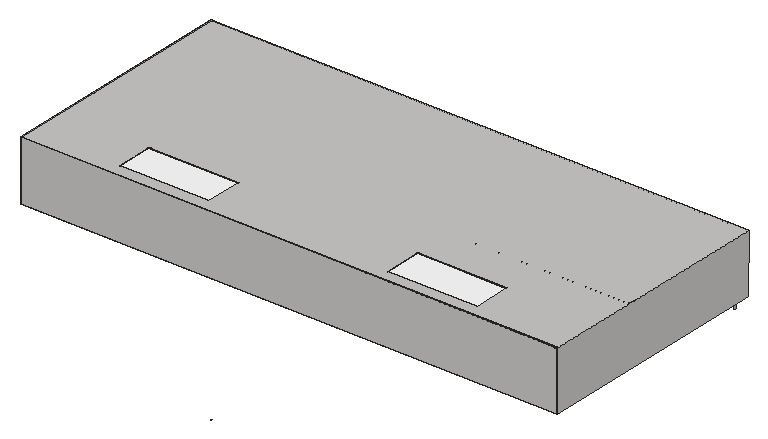
Revit family "QF_ELECTROLUXPROFESSIONAL_640207_EPF1636", category Specialty Equipment, Revit 2014
Reference planes
  plane 1: z = 0
  plane 2 "Center (Left/Right)": x = 150
  plane 3 "LEFT": x = -1650
  plane 4 "RIGHT": x = 1950
  plane 5 "BACK": y = 550
  plane 6 "TOP": z = 2400
  plane 7 "Base": z = 2000
  plane 8: z = 1970
  plane 9 "DrainY": y = 450
  plane 10: x = -1647
  plane 11: y = -720
  plane 12: y = -970
  plane 13 "DrainX": x = 1937
  plane 14 "AOLeft2": x = -450
  plane 15 "AORight1": x = 750
  plane 16: x = 1947
  plane 17: x = -1450
  plane 18: x = 1750
  plane 19: through (0, -449.6, 2399.19) normal (0, -0.5736, 0.8192)
  plane 20: x = 50
  plane 21: x = 250
  plane 22 "Center (Front/Back)": y = -250
  plane 23 "Front": y = -1050
  plane 24 "AOLeft1": x = -1050
  plane 25 "AORight2": x = 1350
Forms (mm)
  Extrusion 1, solid, material "QF_Finishes_Stainless Steel"
    sketch origin (-1650, 0, 360) x (0, 1, 0) y (0, 0, 1)
      loop
        line (550, 1640) -> (550, 2040) -> (-1050, 2040) -> (-1050, 1640) -> (550, 1640)
    from 0 to 3
  Extrusion 2, solid, material "QF_Finishes_Stainless Steel"
    sketch origin (1950, 0, 360) x (0, 1, 0) y (0, 0, 1)
      loop
        line (550, 1640) -> (550, 2040) -> (-1050, 2040) -> (-1050, 1640) -> (550, 1640)
    from 0 to -3
  Extrusion 3, solid, material "QF_Finishes_Stainless Steel"
    sketch origin (150, 0, 360) x (0, 1, 0) y (0, 0, 1)
      loop
        line (-1050, 2040) -> (-1050, 1640) -> (-1040, 1640) -> (-1040, 1640.8) -> (-1049.2, 1640.8) -> (-1049.2, 2039.19) -> (549.2, 2039.19) -> (549.2, 1640.8) -> (540, 1640.8) -> (540, 1640) -> (550, 1640) -> (550, 2040) -> (-1050, 2040)
    from -1800 to 1800
  Extrusion 4, solid, material "QF_Finishes_Stainless Steel"
    sketch origin (0, 0, 2000) x (0, 1, 0) y (-1, 0, 0)
      loop
        circle (450, -1937) r 4.763
    from -30 to 0
  Extrusion 5, void
    sketch origin (0, 0, 2400) x (0, 1, 0) y (-1, 0, 0)
      loop
        line (-720, 450) -> (-720, 1050) -> (-970, 1050) -> (-970, 450) -> (-720, 450)
    from 0 to -10
  Extrusion 6, solid, material "QF_Finishes_Stainless Steel"
    sketch origin (0, 0, 0) x (1, 0, 0) y (0, 1, 0)
      loop
        line (-1650, 550) -> (-1650, 549) -> (-1649, 549) -> (-1649, 550) -> (-1650, 550)
    from 0 to 1
  Extrusion 7, solid, material "QF_Finishes_Stainless Steel"
    sketch origin (150, 0, 360) x (0, 1, 0) y (0, 0, 1)
      loop
        line (-531.515, 1981.832) -> (-534.381, 1985.926) -> (-973.276, 1678.608) -> (-970.553, 1674.415) -> (-531.515, 1981.832)
    from -1600 to -1797
  Extrusion 8, solid, material "QF_Finishes_Stainless Steel"
    sketch origin (150, 0, 360) x (0, 1, 0) y (0, 0, 1)
      loop
        line (-1050, 2039.19) -> (-1050, 1640) -> (-1019.702, 1640) -> (-970.553, 1674.415) -> (-978.723, 1686.995) -> (-979.394, 1686.559) -> (-971.645, 1674.627) -> (-1019.955, 1640.8) -> (-1049.2, 1640.8) -> (-1049.2, 2039.19) -> (-1050, 2039.19)
      loop
        line (-449.6, 2039.19) -> (-450.995, 2039.19) -> (-531.319, 1982.947) -> (-539.464, 1994.578) -> (-540.119, 1994.12) -> (-531.515, 1981.832) -> (-449.6, 2039.19)
    from -1797 to 1797
  Extrusion 9, solid, material "QF_Finishes_Stainless Steel"
    sketch origin (150, 0, 360) x (0, 1, 0) y (0, 0, 1)
      loop
        line (-531.515, 1981.832) -> (-534.381, 1985.926) -> (-973.276, 1678.608) -> (-970.553, 1674.415) -> (-531.515, 1981.832)
    from 1797 to 1600
  Extrusion 10, solid, material "QF_Finishes_Stainless Steel"
    sketch origin (150, 0, 360) x (0, 1, 0) y (0, 0, 1)
      loop
        line (-531.515, 1981.832) -> (-534.381, 1985.926) -> (-973.276, 1678.608) -> (-970.553, 1674.415) -> (-531.515, 1981.832)
    from -100 to 100
  Extrusion 11, solid, material "QF_Finished_Chrome"
    sketch origin (150, 0, 360) x (0, 1, 0) y (0, 0, 1)
      loop
        line (-531.515, 1981.832) -> (-534.381, 1985.926) -> (-973.276, 1678.608) -> (-970.553, 1674.415) -> (-531.515, 1981.832)
    from -1600 to -100
  Extrusion 12, solid, material "QF_Finished_Chrome"
    sketch origin (150, 0, 360) x (0, 1, 0) y (0, 0, 1)
      loop
        line (-531.515, 1981.832) -> (-534.381, 1985.926) -> (-973.276, 1678.608) -> (-970.553, 1674.415) -> (-531.515, 1981.832)
    from 100 to 1600
  Sweep 13, solid, material "QF_Finishes_Stainless Steel"
    path origin (0, 0, 0) x (1, 0, 0) y (0, 1, 0)
      loop
        line (1950, 550) -> (-1650, 550) -> (-1650, -1050) -> (1950, -1050) -> (1950, 550)
    profile origin (1950, -250, 0) x (1, 0, 0) y (0, 0, 1)
      loop
        line (-3, 2000) -> (-3, 2000.8) -> (-19, 2000.8) -> (-19, 2010) -> (-20, 2010) -> (-20, 2000) -> (-3, 2000)
  Extrusion 14, solid, material "QF_Finishes_Stainless Steel"
    sketch origin (150, 0, 0) x (0, 1, 0) y (0, 0, 1)
      loop
        line (108.687, 2305.487) -> (549.2, 2040.8) -> (549.2, 2041.733) -> (109.285, 2306.061) -> (-443.438, 2399.19) -> (-445.739, 2399.19) -> (108.687, 2305.487)
    from -1797 to 1797
  Extrusion 15, void
    sketch origin (0, 0, 2400) x (0, 1, 0) y (-1, 0, 0)
      loop
        line (-720, -1350) -> (-720, -750) -> (-970, -750) -> (-970, -1350) -> (-720, -1350)
    from 0 to -10
Cuts and joins
  Extrusion 5, Extrusion 15 cuts Extrusion 3
  joined: Extrusion 2, Extrusion 3, Sweep 13
Lines and regions (mm)
  symbolic lines, style "SpecialityEquipment", detail levels coarse
    curve 1: line (1950, 550, 2400) -> (-1650, 550, 2400)
    curve 2: line (-1650, 550, 2400) -> (-1650, -1050.8, 2400)
    curve 3: line (1950, -1050.8, 2400) -> (1950, 550, 2400)
    curve 4: line (-1650, 550, 0) -> (1950, -1050, 0)
    curve 5: line (1950, 550, 0) -> (-1650, -1050, 0)
  symbolic lines, detail levels coarse
    curve 6: line (-1650, -1050, 0) -> (1950, -1050, 0)
    curve 7: line (-450, -720, 0) -> (-1050, -720, 0)
    curve 8: line (-450, -970, 0) -> (-450, -720, 0)
    curve 9: line (-1050, -970, 0) -> (-450, -970, 0)
    curve 10: line (-1050, -720, 0) -> (-1050, -970, 0)
    curve 11: line (1350, -720, 0) -> (750, -720, 0)
    curve 12: line (1350, -970, 0) -> (1350, -720, 0)
    curve 13: line (750, -970, 0) -> (1350, -970, 0)
    curve 14: line (750, -720, 0) -> (750, -970, 0)
Dimensions and locks
  plane 3 "LEFT" to plane 4 "RIGHT" = 3600 mm
  equal spacing: plane 3 "LEFT", plane 2 "Center (Left/Right)", plane 4 "RIGHT"
  plane 7 "Base" to plane 8 = 30 mm
  plane 5 "BACK" to plane 9 "DrainY" = 100 mm  (x2)
  plane 3 "LEFT" to plane 10 = 3 mm
  plane 13 "DrainX" to plane 4 "RIGHT" = 13 mm
  plane 16 to plane 4 "RIGHT" = 3 mm
  plane 3 "LEFT" to plane 17 = 200 mm
  plane 18 to plane 4 "RIGHT" = 200 mm
  locked: plane 14 "AOLeft2" to plane 15 "AORight1" at 1200
  equal spacing: plane 14 "AOLeft2", plane 2 "Center (Left/Right)", plane 15 "AORight1"
  locked: plane 7 "Base" to level at 2000
  locked: plane 6 "TOP" to plane 7 "Base" at 400
  locked: plane 20 to plane 21 at 200
  equal spacing: plane 20, plane 2 "Center (Left/Right)", plane 21
  locked: plane 11 to plane 12 at 250
  plane 5 "BACK" to plane 23 "Front" = 1600 mm  (x2)
  equal spacing: plane 5 "BACK", plane 22 "Center (Front/Back)", plane 23 "Front"
  plane 12 to plane 23 "Front" = 80 mm
  plane 24 "AOLeft1" to plane 14 "AOLeft2" = 600 mm
  plane 15 "AORight1" to plane 25 "AORight2" = 600 mm
  aligned and locked: level to plane 1
  aligned and locked: plane 4 "RIGHT" to Extrusion 3
  aligned and locked: Extrusion 3 to plane 3 "LEFT"
  aligned and locked: Extrusion 5 to plane 12
  aligned and locked: Extrusion 5 to plane 11
  aligned and locked: Extrusion 7 to plane 10
  aligned and locked: Extrusion 7 to plane 17
  aligned and locked: Extrusion 2 to plane 16
  aligned and locked: plane 16 to Extrusion 9
  aligned and locked: plane 18 to Extrusion 9
  aligned and locked: Extrusion 10 to plane 21
  aligned and locked: Extrusion 10 to plane 20
  aligned and locked: Extrusion 11 to plane 20
  aligned and locked: plane 17 to Extrusion 11
  aligned and locked: Extrusion 12 to plane 21
  aligned and locked: Extrusion 12 to plane 18
  aligned and locked: Extrusion 14 to plane 10
  aligned and locked: plane 16 to Extrusion 14
  aligned and locked: Extrusion 8 to plane 10
  aligned and locked: Extrusion 8 to plane 16
  aligned and locked: Extrusion 1 to plane 23 "Front"
  aligned and locked: Extrusion 5 to plane 24 "AOLeft1"
  aligned and locked: Extrusion 5 to plane 14 "AOLeft2"
  aligned and locked: plane 15 "AORight1" to Extrusion 15
  aligned and locked: plane 25 "AORight2" to Extrusion 15
Automatic sketch dimensions
  curve 6 to plane 3 "LEFT" = 0 mm
  curve 4 to plane 3 "LEFT" = 0 mm
  curve 5 to plane 4 "RIGHT" = 0 mm
  curve 6 to plane 4 "RIGHT" = 0 mm
  curve 4 to plane 23 "Front" = 0 mm
  curve 5 to plane 5 "BACK" = 0 mm
  curve 4 to plane 5 "BACK" = 0 mm
  curve 2 to plane 3 "LEFT" = 0 mm
  curve 3 to plane 4 "RIGHT" = 0 mm
  curve 2 to plane 5 "BACK" = 0 mm
  curve 3 to plane 23 "Front" = 0.8 mm
  curve 2 to plane 23 "Front" = 0.8 mm
  Extrusion 1 sketch curve to plane 7 "Base" = 0 mm
  Extrusion 1 sketch curve to plane 23 "Front" = 0 mm
  Extrusion 1 sketch curve to plane 5 "BACK" = 0 mm
  Extrusion 1 sketch curve to plane 6 "TOP" = 0 mm
  Extrusion 2 sketch curve to plane 7 "Base" = 0 mm
  Extrusion 2 sketch curve to plane 23 "Front" = 0 mm
  Extrusion 2 sketch curve to plane 5 "BACK" = 0 mm
  Extrusion 2 sketch curve to plane 6 "TOP" = 0 mm
  Extrusion 3 sketch curve to plane 6 "TOP" = 0 mm
  Extrusion 3 sketch curve to plane 23 "Front" = 0 mm
  Extrusion 3 sketch curve to plane 7 "Base" = 0 mm  (x2)
  Extrusion 3 sketch curve to plane 5 "BACK" = 0 mm
  plane 23 "Front" to Extrusion 3 sketch curve = 0.8 mm
  Extrusion 3 sketch curve to Extrusion 3 sketch curve = 9.2 mm
  plane 7 "Base" to Extrusion 3 sketch curve = 0.8 mm  (x2)
  Extrusion 3 sketch curve to plane 5 "BACK" = 10 mm
  Extrusion 3 sketch curve to plane 5 "BACK" = 0.8 mm
  Extrusion 3 sketch curve to plane 6 "TOP" = 0.81 mm
  Extrusion 4 sketch curve to plane 9 "DrainY" = 0 mm
  Extrusion 4 sketch curve to plane 13 "DrainX" = 0 mm
  Extrusion 5 sketch curve to plane 12 = 0 mm
  plane 11 to Extrusion 5 sketch curve = 0 mm
  Extrusion 5 sketch curve to plane 14 "AOLeft2" = 0 mm
  Extrusion 5 sketch curve to plane 24 "AOLeft1" = 0 mm
  Extrusion 6 sketch curve to plane 3 "LEFT" = 0 mm
  Extrusion 6 sketch curve to plane 5 "BACK" = 0 mm
  plane 3 "LEFT" to Extrusion 6 sketch curve = 1 mm
  Extrusion 6 sketch curve to Extrusion 6 sketch curve = 1 mm
  Extrusion 7 sketch curve to plane 19 = 0 mm  (x2)
  Extrusion 7 sketch curve to plane 12 = 3.276 mm
  Extrusion 7 sketch curve to plane 12 = 0.553 mm
  Extrusion 7 sketch curve to plane 6 "TOP" = 54.074 mm
  Extrusion 7 sketch curve to plane 11 = 185.619 mm
  Extrusion 8 sketch curve to plane 23 "Front" = 0 mm
  Extrusion 8 sketch curve to plane 7 "Base" = 0 mm
  Extrusion 8 sketch curve to plane 19 = 0 mm  (x4)
  plane 23 "Front" to Extrusion 8 sketch curve = 0.8 mm
  Extrusion 8 sketch curve to Extrusion 8 sketch curve = 0.252 mm
  Extrusion 8 sketch curve to plane 12 = 9.394 mm
  Extrusion 8 sketch curve to Extrusion 8 sketch curve = 0.671 mm
  Extrusion 8 sketch curve to plane 12 = 1.645 mm
  Extrusion 8 sketch curve to plane 12 = 0.553 mm
  Extrusion 8 sketch curve to plane 6 "TOP" = 45.88 mm
  Extrusion 8 sketch curve to plane 11 = 179.881 mm
  Extrusion 8 sketch curve to plane 6 "TOP" = 45.422 mm
  Extrusion 8 sketch curve to plane 6 "TOP" = 57.053 mm
  Extrusion 8 sketch curve to plane 6 "TOP" = 0.81 mm  (x2)
  plane 7 "Base" to Extrusion 8 sketch curve = 0.8 mm
  Extrusion 8 sketch curve to Extrusion 8 sketch curve = 0.212 mm
  Extrusion 9 sketch curve to plane 19 = 0 mm  (x2)
  Extrusion 9 sketch curve to plane 12 = 3.276 mm
  Extrusion 9 sketch curve to plane 12 = 0.553 mm
  Extrusion 9 sketch curve to plane 6 "TOP" = 54.074 mm
  Extrusion 9 sketch curve to plane 11 = 185.619 mm
  Extrusion 10 sketch curve to plane 19 = 0 mm  (x2)
  Extrusion 10 sketch curve to plane 12 = 3.276 mm
  Extrusion 10 sketch curve to plane 12 = 0.553 mm
  Extrusion 10 sketch curve to plane 6 "TOP" = 54.074 mm
  Extrusion 10 sketch curve to plane 11 = 185.619 mm
  Extrusion 11 sketch curve to plane 19 = 0 mm  (x2)
  Extrusion 11 sketch curve to plane 12 = 3.276 mm
  Extrusion 11 sketch curve to plane 12 = 0.553 mm
  Extrusion 11 sketch curve to plane 6 "TOP" = 54.074 mm
  Extrusion 11 sketch curve to plane 11 = 185.619 mm
  Extrusion 12 sketch curve to plane 19 = 0 mm  (x2)
  Extrusion 12 sketch curve to plane 12 = 3.276 mm
  Extrusion 12 sketch curve to plane 12 = 0.553 mm
  Extrusion 12 sketch curve to plane 6 "TOP" = 54.074 mm
  Extrusion 12 sketch curve to plane 11 = 185.619 mm
  Sweep 13 sketch curve to plane 3 "LEFT" = 0 mm
  Sweep 13 sketch curve to plane 4 "RIGHT" = 0 mm
  Sweep 13 sketch curve to plane 23 "Front" = 0 mm
  Sweep 13 sketch curve to plane 5 "BACK" = 0 mm
  profile plane to Sweep 13 sketch curve = 20 mm
  Sweep 13 sketch curve to Sweep 13 sketch curve = 1 mm
  profile plane to Sweep 13 sketch curve = 3 mm
  level to Sweep 13 sketch curve = 2000 mm
  Sweep 13 sketch curve to Sweep 13 sketch curve = 0.8 mm
  Sweep 13 sketch curve to Sweep 13 sketch curve = 9.2 mm
  Extrusion 14 sketch curve to plane 6 "TOP" = 0.81 mm
  Extrusion 14 sketch curve to plane 22 "Center (Front/Back)" = 195.739 mm
  Extrusion 14 sketch curve to Extrusion 14 sketch curve = 2.3 mm
  Extrusion 14 sketch curve to plane 6 "TOP" = 94.513 mm
  Extrusion 14 sketch curve to plane 9 "DrainY" = 341.313 mm
  Extrusion 14 sketch curve to plane 6 "TOP" = 93.939 mm
  Extrusion 14 sketch curve to Extrusion 14 sketch curve = 0.598 mm
  Extrusion 14 sketch curve to plane 5 "BACK" = 0.8 mm
  plane 7 "Base" to Extrusion 14 sketch curve = 41.733 mm
  Extrusion 14 sketch curve to Extrusion 14 sketch curve = 0.933 mm
  Extrusion 15 sketch curve to plane 12 = 0 mm
  plane 11 to Extrusion 15 sketch curve = 0 mm
  Extrusion 15 sketch curve to plane 14 "AOLeft2" = 1800 mm
  plane 24 "AOLeft1" to Extrusion 15 sketch curve = 1800 mm
  plane 11 to curve 7 = 0 mm
  curve 8 to plane 12 = 0 mm
  curve 8 to plane 14 "AOLeft2" = 0 mm
  curve 9 to plane 24 "AOLeft1" = 0 mm
  plane 11 to curve 11 = 0 mm
  curve 11 to plane 15 "AORight1" = 0 mm
  curve 12 to plane 12 = 0 mm
  curve 12 to plane 25 "AORight2" = 0 mm
  radius of Extrusion 4 sketch curve = 4.763 mm
Connectors
  piping at (1937, 450, 1970), diameter 9.5
    settings: on Extrusion 4, index 1, connector inside diameter 609.6 mm, connector length 0 mm, flow factor 0, pipe flow 0.0 L/s, pressure drop 0.0 Pa, fitting loss kfactor 0, connector angle 0.00°, fixture units 0, engagement length 0 mm, angle of deflection 0.00°, flow configuration 1, flow direction 2, fitting loss method 0, system type 16, joint type 0, gender type 0, connector reference index -1, connector utility 0, adjustable connector no, is connector primary yes, connector description "Drain"
  hvac at (-750, -845, 2400)
    settings: on Extrusion 5, index 2, duct flow 0.0 L/s, flow factor 0, pres drop 0.0 Pa, loss coef 0, conn angle 0.00°, conn width 250 mm, conn height 600 mm, conn diameter 609.6 mm, duct sys type 3, conn prof type 1, flow config 1, flow direction 0, loss method 0, conn ref index -1, conn util no, is conn primary yes, conn desc "EXHAUST OUTLET"
  hvac at (1050, -845, 2400)
    settings: on Extrusion 15, index 3, duct flow 0.0 L/s, flow factor 0, pres drop 0.0 Pa, loss coef 0, conn angle 0.00°, conn width 250 mm, conn height 600 mm, conn diameter 609.6 mm, duct sys type 3, conn prof type 1, flow config 1, flow direction 2, loss method 0, conn ref index -1, conn util no, is conn primary no, conn desc "EXHAUST OUTLET"
